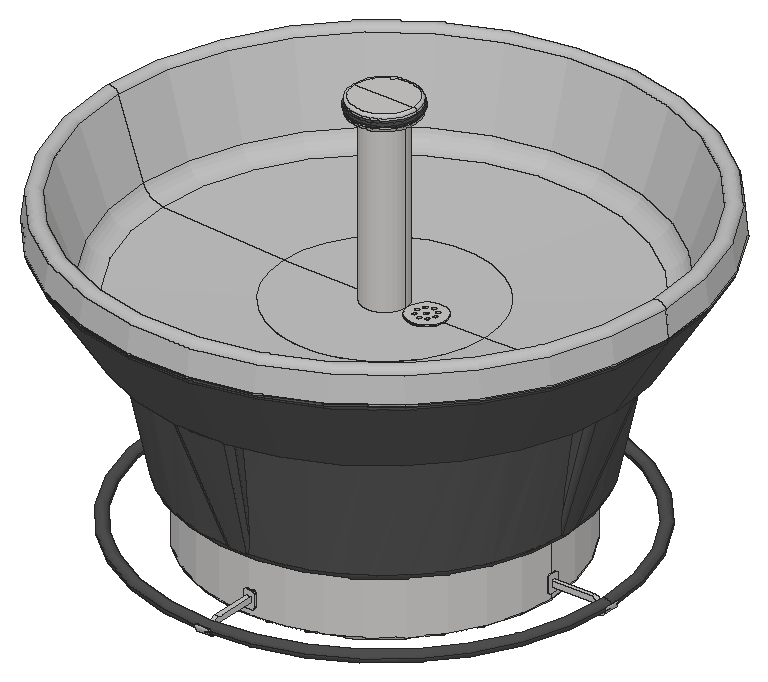
Revit family "Washfountain_Lavatory-Bradley_Corp-WF2808-Type_H_Drain", category Plumbing Fixtures, Revit 2012 (continued)
Automatic sketch dimensions
  curve 7 to Masking region 6 sketch curve = 0.84002"
  curve 7 to Masking region 6 sketch curve = 1.17907"
  Masking region 6 sketch curve to Masking region 6 sketch curve = 1.96998"
  curve 7 to Masking region 6 sketch curve = 0.375"
  Masking region 6 sketch curve to curve 7 = 7.18965"
  Masking region 6 sketch curve to Masking region 6 sketch curve = 0.60673"  (x2)
  Masking region 6 sketch curve to Masking region 6 sketch curve = 1.250"  (x5)
  Masking region 6 sketch curve to Masking region 6 sketch curve = 0.64327"
  Masking region 6 sketch curve to Masking region 6 sketch curve = 0.625"
  Masking region 7 sketch curve to curve 8 = 0.000"
  Masking region 7 sketch curve to curve 8 = 3.22592"
  Masking region 7 sketch curve to curve 8 = 2.810"
  curve 8 to Masking region 7 sketch curve = 2.810"
  curve 8 to Masking region 7 sketch curve = 3.22592"
  Masking region 7 sketch curve to curve 8 = 6.000"
  Masking region 8 sketch curve to curve 8 = 0.000"
  curve 8 to Masking region 8 sketch curve = 1.000"
  Masking region 8 sketch curve to curve 8 = 3.1566"
  Masking region 8 sketch curve to Masking region 8 sketch curve = 0.14284"  (x2)
  Masking region 8 sketch curve to Masking region 8 sketch curve = 0.03075"  (x2)
  Masking region 8 sketch curve to Masking region 8 sketch curve = 0.05262"  (x4)
  Masking region 8 sketch curve to Masking region 8 sketch curve = 0.06777"  (x2)
  Masking region 8 sketch curve to curve 8 = 1.17907"
  Masking region 8 sketch curve to curve 8 = 0.84002"
  curve 8 to Masking region 8 sketch curve = 0.84002"
  curve 8 to Masking region 8 sketch curve = 1.17907"
  Masking region 8 sketch curve to Masking region 8 sketch curve = 1.96998"
  curve 8 to Masking region 8 sketch curve = 0.375"
  Masking region 8 sketch curve to curve 8 = 7.18965"
  Masking region 8 sketch curve to Masking region 8 sketch curve = 1.18965"
  Masking region 8 sketch curve to Masking region 8 sketch curve = 0.60673"  (x2)
  Masking region 8 sketch curve to Masking region 8 sketch curve = 1.250"  (x5)
  Masking region 8 sketch curve to Masking region 8 sketch curve = 0.64327"
  Masking region 8 sketch curve to Masking region 8 sketch curve = 0.625"
  curve 8 to curve 24 = 0.375"
  curve 24 to curve 8 = 3.1566"
  curve 19 to curve 24 = 0.000"  (x2)
  curve 19 to curve 20 = 0.17359"
  curve 20 to curve 21 = 0.05262"
  curve 21 to curve 22 = 0.05262"
  curve 22 to curve 23 = 0.06777"
  curve 8 to curve 23 = 2.810"
  curve 23 to curve 22 = 0.06777"
  curve 22 to curve 21 = 0.05262"
  curve 21 to curve 20 = 0.05262"
  curve 20 to curve 24 = 0.17359"
  curve 19 to curve 24 = 0.625"
  curve 20 to curve 19 = 0.64327"
  curve 21 to curve 20 = 1.250"
  curve 22 to curve 21 = 1.250"
  curve 23 to curve 22 = 1.250"
  Masking region 9 sketch curve to curve 3 = 0.000"
  Masking region 9 sketch curve to curve 3 = 0.12875"
  curve 3 to Masking region 9 sketch curve = 0.21498"
  curve 3 to Masking region 9 sketch curve = 0.215"
  Masking region 9 sketch curve to Masking region 9 sketch curve = 0.785"
  Masking region 9 sketch curve to curve 3 = 1.000"
  Masking region 9 sketch curve to curve 3 = 0.215"
  Masking region 9 sketch curve to curve 3 = 0.21498"
  curve 3 to Masking region 9 sketch curve = 0.12875"
  Masking region 9 sketch curve to curve 3 = 1.38998"  (x2)
  Masking region 9 sketch curve to curve 3 = 0.94498"  (x2)
  Masking region 9 sketch curve to curve 3 = 0.44498"  (x2)
  Masking region 10 sketch curve to curve 3 = 0.12875"
  Masking region 10 sketch curve to curve 3 = 0.035"  (x2)
  Masking region 10 sketch curve to curve 3 = 0.00002"
  curve 3 to Masking region 10 sketch curve = 0.215"  (x2)
  Masking region 10 sketch curve to Masking region 10 sketch curve = 0.785"
  Masking region 10 sketch curve to curve 3 = 1.000"
  Masking region 10 sketch curve to curve 3 = 0.215"  (x2)
  curve 3 to Masking region 10 sketch curve = 0.035"  (x2)
  Masking region 10 sketch curve to Masking region 10 sketch curve = 0.09375"
  Masking region 10 sketch curve to curve 3 = 1.38998"  (x2)
  Masking region 10 sketch curve to curve 3 = 0.94498"  (x2)
  Masking region 10 sketch curve to curve 3 = 0.53873"  (x2)
  Masking region 11 sketch curve to curve 4 = 0.000"
  Masking region 11 sketch curve to curve 4 = 0.12875"
  curve 4 to Masking region 11 sketch curve = 0.21498"
  curve 4 to Masking region 11 sketch curve = 0.215"
  Masking region 11 sketch curve to Masking region 11 sketch curve = 0.785"
  Masking region 11 sketch curve to curve 4 = 1.000"
  Masking region 11 sketch curve to curve 4 = 0.215"
  Masking region 11 sketch curve to curve 4 = 0.21498"
  curve 4 to Masking region 11 sketch curve = 0.12875"
  Masking region 11 sketch curve to curve 4 = 1.38998"  (x2)
  Masking region 11 sketch curve to curve 4 = 0.94498"  (x2)
  Masking region 11 sketch curve to curve 4 = 0.44498"  (x2)
  Masking region 12 sketch curve to curve 4 = 0.12875"
  Masking region 12 sketch curve to curve 4 = 0.035"  (x2)
  curve 4 to Masking region 12 sketch curve = 0.215"  (x2)
  Masking region 12 sketch curve to curve 4 = 0.00002"
  curve 4 to Masking region 12 sketch curve = 1.000"
  Masking region 12 sketch curve to curve 4 = 1.000"
  Masking region 12 sketch curve to curve 4 = 0.215"  (x2)
  curve 4 to Masking region 12 sketch curve = 0.035"  (x2)
  Masking region 12 sketch curve to Masking region 12 sketch curve = 0.09375"
  Masking region 12 sketch curve to curve 4 = 1.38998"  (x2)
  Masking region 12 sketch curve to curve 4 = 0.94498"  (x2)
  Masking region 12 sketch curve to curve 4 = 0.53873"  (x2)
  curve 37 to curve 4 = 0.12875"
  curve 32 to curve 4 = 0.12875"
  curve 36 to curve 4 = 0.035"
  curve 33 to curve 4 = 0.035"
  curve 4 to curve 38 = 1.000"
  curve 38 to curve 4 = 1.000"
  curve 4 to curve 35 = 0.035"
  curve 4 to curve 33 = 0.035"
  curve 33 to curve 34 = 0.09375"
  curve 35 to curve 35 = 0.09375"
  curve 38 to curve 4 = 1.38998"
  curve 37 to curve 4 = 0.94498"
  curve 34 to curve 4 = 0.44498"
  Revolve 7 sketch curve to curve 5 = 0.000"
  curve 5 to Revolve 7 sketch curve = 1.000"
  curve 5 to Revolve 7 sketch curve = 0.89718"
  Revolve 7 sketch curve to curve 5 = 0.64632"
  Revolve 7 sketch curve to Revolve 7 sketch curve = 0.17678"
  Revolve 7 sketch curve to Revolve 7 sketch curve = 0.000"  (x5)
  Revolve 7 sketch curve to Revolve 7 sketch curve = 0.60355"
  Revolve 7 sketch curve to Revolve 7 sketch curve = 0.176"
  curve 5 to Revolve 7 sketch curve = 0.34072"
  Revolve 7 sketch curve to curve 5 = 1.44037"
  Revolve 7 sketch curve to Revolve 7 sketch curve = 0.01575"
  Revolve 7 sketch curve to Revolve 7 sketch curve = 0.074"
  Revolve 7 sketch curve to Revolve 7 sketch curve = 0.0755"
  Revolve 7 sketch curve to curve 5 = 2.78252"
  Revolve 7 sketch curve to curve 5 = 39.99275"
  Revolve 7 sketch curve to Revolve 7 sketch curve = 0.07322"
  Revolve 7 sketch curve to Revolve 7 sketch curve = 0.60277"
  Revolve 7 sketch curve to Revolve 7 sketch curve = 0.22469"
  Revolve 7 sketch curve to Revolve 7 sketch curve = 1.19454"
  Revolve 8 sketch curve to curve 5 = 0.000"
  curve 5 to Revolve 8 sketch curve = 1.000"
  Revolve 8 sketch curve to curve 5 = 0.75025"
  Revolve 8 sketch curve to Revolve 8 sketch curve = 0.82512"  (x2)
  Revolve 8 sketch curve to Revolve 8 sketch curve = 0.000"
  Revolve 8 sketch curve to Revolve 8 sketch curve = 0.71918"
  Revolve 8 sketch curve to Revolve 8 sketch curve = 1.30001"
  Masking region 13 sketch curve to curve 5 = 0.000"
  Masking region 13 sketch curve to curve 5 = 1.5755"
  Masking region 13 sketch curve to curve 5 = 0.750"
  curve 5 to Masking region 13 sketch curve = 1.000"
  Masking region 13 sketch curve to curve 5 = 1.000"
  curve 5 to Masking region 13 sketch curve = 0.75025"
  curve 5 to Masking region 13 sketch curve = 1.57537"
  Masking region 13 sketch curve to Masking region 13 sketch curve = 0.8255"
  Masking region 13 sketch curve to Masking region 13 sketch curve = 0.82512"
  Masking region 14 sketch curve to curve 5 = 0.000"
  Masking region 14 sketch curve to curve 5 = 1.57537"
  Masking region 14 sketch curve to Masking region 14 sketch curve = 0.0755"  (x2)
  Masking region 14 sketch curve to Masking region 14 sketch curve = 0.11925"
  Masking region 14 sketch curve to Masking region 14 sketch curve = 0.000"  (x7)
  Masking region 14 sketch curve to Masking region 14 sketch curve = 0.01575"  (x2)
  Masking region 14 sketch curve to Masking region 14 sketch curve = 0.074"  (x2)
  Masking region 14 sketch curve to Masking region 14 sketch curve = 0.176"  (x2)
  Masking region 14 sketch curve to curve 5 = 0.82309"
  Masking region 14 sketch curve to Masking region 14 sketch curve = 0.17678"  (x2)
  curve 5 to Masking region 14 sketch curve = 0.89718"
  curve 5 to Masking region 14 sketch curve = 1.000"
  curve 5 to Masking region 14 sketch curve = 2.78252"
  Masking region 14 sketch curve to Masking region 14 sketch curve = 0.43497"
  Masking region 14 sketch curve to curve 5 = 1.000"
  Masking region 14 sketch curve to curve 5 = 0.89718"
  curve 5 to Masking region 14 sketch curve = 0.64632"
  Masking region 14 sketch curve to Masking region 14 sketch curve = 0.60355"
  curve 5 to Masking region 14 sketch curve = 0.34072"
  curve 5 to Masking region 14 sketch curve = 1.44037"
  Masking region 14 sketch curve to curve 5 = 39.99275"
  Masking region 14 sketch curve to Masking region 14 sketch curve = 0.07322"  (x2)
  Masking region 14 sketch curve to Masking region 14 sketch curve = 0.60277"  (x2)
  Masking region 14 sketch curve to Masking region 14 sketch curve = 0.3591"
  Masking region 14 sketch curve to Masking region 14 sketch curve = 0.22469"
  Masking region 14 sketch curve to Masking region 14 sketch curve = 0.13441"
  curve 252 to curve 5 = 23.7889"
  curve 40 to curve 5 = 1.5755"
  curve 5 to curve 39 = 0.56541"
  curve 40 to curve 39 = 0.07563"
  curve 5 to curve 41 = 1.000"
  curve 41 to curve 5 = 1.000"
  curve 5 to curve 39 = 1.49987"
  curve 39 to curve 40 = 0.0755"
  curve 5 to curve 252 = 23.7906"
  curve 41 to curve 5 = 2.84038"
  curve 40 to curve 39 = 1.44948"
  Masking region 15 sketch curve to curve 6 = 0.000"
  Masking region 15 sketch curve to curve 6 = 1.57537"
  Masking region 15 sketch curve to curve 6 = 0.74987"
  curve 6 to Masking region 15 sketch curve = 1.000"
  Masking region 15 sketch curve to curve 6 = 1.000"
  curve 6 to Masking region 15 sketch curve = 0.75025"
  curve 6 to Masking region 15 sketch curve = 1.57537"
  Masking region 15 sketch curve to Masking region 15 sketch curve = 0.82512"
  Masking region 15 sketch curve to Masking region 15 sketch curve = 0.8255"
  Masking region 16 sketch curve to curve 6 = 0.000"
  Masking region 16 sketch curve to curve 6 = 1.57537"
  Masking region 16 sketch curve to Masking region 16 sketch curve = 0.0755"  (x2)
  Masking region 16 sketch curve to Masking region 16 sketch curve = 0.11925"
  Masking region 16 sketch curve to Masking region 16 sketch curve = 0.000"  (x7)
  Masking region 16 sketch curve to Masking region 16 sketch curve = 0.135"
  Masking region 16 sketch curve to Masking region 16 sketch curve = 0.074"
  Masking region 16 sketch curve to Masking region 16 sketch curve = 0.176"  (x2)
  Masking region 16 sketch curve to curve 6 = 0.82309"
  Masking region 16 sketch curve to Masking region 16 sketch curve = 0.17678"  (x2)
  curve 6 to Masking region 16 sketch curve = 0.89718"
  curve 6 to Masking region 16 sketch curve = 1.000"
  curve 6 to Masking region 16 sketch curve = 2.78252"
  Masking region 16 sketch curve to Masking region 16 sketch curve = 0.43497"
  Masking region 16 sketch curve to curve 6 = 1.000"
  Masking region 16 sketch curve to curve 6 = 0.89718"
  curve 6 to Masking region 16 sketch curve = 0.64632"
  Masking region 16 sketch curve to Masking region 16 sketch curve = 0.60355"
  curve 6 to Masking region 16 sketch curve = 0.34072"
  curve 6 to Masking region 16 sketch curve = 1.44037"
  Masking region 16 sketch curve to Masking region 16 sketch curve = 0.01575"
  Masking region 16 sketch curve to Masking region 16 sketch curve = 0.0595"
  Masking region 16 sketch curve to curve 6 = 39.99275"
  Masking region 16 sketch curve to Masking region 16 sketch curve = 0.07322"  (x2)
  Masking region 16 sketch curve to Masking region 16 sketch curve = 0.60277"  (x2)
  Masking region 16 sketch curve to Masking region 16 sketch curve = 0.3591"
  Masking region 16 sketch curve to Masking region 16 sketch curve = 0.22469"
  Masking region 16 sketch curve to Masking region 16 sketch curve = 0.13441"
  curve 43 to curve 6 = 1.57537"
  curve 6 to curve 42 = 0.56541"
  curve 43 to curve 42 = 0.0755"
  curve 6 to curve 44 = 1.000"
  curve 44 to curve 6 = 1.000"
  curve 6 to curve 42 = 1.49987"
  curve 42 to curve 43 = 0.0755"
  curve 43 to curve 42 = 1.44948"
  curve 44 to curve 6 = 2.840"
  curve 136 to curve 137 = 0.000"  (x2)
  curve 136 to curve 138 = 0.000"  (x2)
  curve 137 to curve 138 = 0.000"  (x2)
  curve 147 to curve 251 = 0.000"  (x2)
  curve 141 to plane 1 "Center (Front/Back)" = 0.000"
  curve 138 to plane 1 "Center (Front/Back)" = 0.000"
  curve 145 to plane 1 "Center (Front/Back)" = 0.000"
  curve 251 to plane 1 "Center (Front/Back)" = 0.000"
  curve 251 to plane 3 "Center (Left/Right)" = 0.000"
  curve 145 to curve 147 = 3.12229"
  curve 144 to curve 145 = 0.25708"
  curve 146 to curve 145 = 0.25708"
  curve 143 to curve 144 = 0.62063"
  curve 136 to curve 146 = 0.62063"
  curve 139 to curve 146 = 0.62063"
  curve 142 to curve 143 = 0.62063"
  curve 140 to curve 139 = 0.62063"
  curve 141 to curve 140 = 0.25708"
  curve 140 to plane 1 "Center (Front/Back)" = 0.62063"
  curve 146 to plane 1 "Center (Front/Back)" = 0.62063"
  curve 139 to curve 146 = 0.25708"
  plane 1 "Center (Front/Back)" to curve 142 = 0.62063"
  plane 1 "Center (Front/Back)" to curve 144 = 0.62063"
  curve 144 to curve 143 = 0.25708"
  Masking region 18 sketch curve to plane 1 "Center (Front/Back)" = 0.000"
  Masking region 18 sketch curve to plane 3 "Center (Left/Right)" = 0.000"
  curve 45 to plane 1 "Center (Front/Back)" = 0.000"
  curve 45 to plane 3 "Center (Left/Right)" = 0.000"
  Masking region 19 sketch curve to plane 1 "Center (Front/Back)" = 0.000"
  Masking region 19 sketch curve to plane 3 "Center (Left/Right)" = 0.000"
  curve 46 to plane 1 "Center (Front/Back)" = 0.000"
  curve 46 to plane 3 "Center (Left/Right)" = 0.000"
  Masking region 20 sketch curve to plane 1 "Center (Front/Back)" = 0.000"
  Masking region 20 sketch curve to plane 3 "Center (Left/Right)" = 0.000"
  curve 47 to plane 1 "Center (Front/Back)" = 0.000"
  curve 47 to plane 3 "Center (Left/Right)" = 0.000"
  curve 244 to plane 1 "Center (Front/Back)" = 2.2644"
  plane 3 "Center (Left/Right)" to curve 244 = 7.0783"
  curve 244 to curve 250 = 1.51551"
  curve 250 to curve 246 = 0.06253"
  curve 245 to curve 246 = 0.000"  (x2)
  plane 3 "Center (Left/Right)" to curve 244 = 1.57842"
  curve 248 to plane 3 "Center (Left/Right)" = 0.06259"
  curve 243 to plane 3 "Center (Left/Right)" = 1.57814"
  curve 246 to plane 3 "Center (Left/Right)" = 5.500"
  curve 246 to curve 249 = 0.06259"
  curve 243 to plane 1 "Center (Front/Back)" = 2.26429"
  curve 248 to curve 243 = 1.51554"
  curve 250 to curve 244 = 0.87478"
  curve 249 to curve 243 = 0.875"
  curve 250 to curve 250 = 0.06779"
  curve 245 to curve 246 = 1.750"
  plane 1 "Center (Front/Back)" to curve 248 = 6.38699"
  curve 248 to curve 243 = 0.875"
  curve 248 to curve 244 = 0.87526"
  Masking region 21 sketch curve to plane 1 "Center (Front/Back)" = 0.000"
  Masking region 21 sketch curve to plane 3 "Center (Left/Right)" = 0.000"
  plane 3 "Center (Left/Right)" to Masking region 21 sketch curve = 0.06279"
  plane 3 "Center (Left/Right)" to Masking region 21 sketch curve = 3.52689"
  plane 3 "Center (Left/Right)" to Masking region 21 sketch curve = 5.50026"
  Masking region 21 sketch curve to plane 1 "Center (Front/Back)" = 3.13918"
  Masking region 21 sketch curve to Masking region 21 sketch curve = 0.06253"
  Masking region 21 sketch curve to plane 1 "Center (Front/Back)" = 1.13918"
  Masking region 21 sketch curve to Masking region 21 sketch curve = 3.4641"  (x2)
  Masking region 21 sketch curve to plane 3 "Center (Left/Right)" = 0.06259"
  Masking region 21 sketch curve to plane 3 "Center (Left/Right)" = 3.5267"
  Masking region 21 sketch curve to plane 3 "Center (Left/Right)" = 5.500"
  Masking region 21 sketch curve to plane 1 "Center (Front/Back)" = 3.13929"
  Masking region 21 sketch curve to Masking region 21 sketch curve = 0.06259"
  Masking region 21 sketch curve to plane 1 "Center (Front/Back)" = 1.13929"
  Masking region 21 sketch curve to Masking region 21 sketch curve = 0.06767"
  Masking region 21 sketch curve to Masking region 21 sketch curve = 0.06779"
  Masking region 21 sketch curve to Masking region 21 sketch curve = 4.000"
  Extrusion 9 sketch curve to plane 8 "Towel Dispenser" = 0.000"
  Extrusion 9 sketch curve to Extrusion 9 sketch curve = 2.250"
  Extrusion 9 sketch curve to plane 1 "Center (Front/Back)" = 3.20696"
  Extrusion 10 sketch curve to Extrusion 10 sketch curve = 2.250"
  Extrusion 10 sketch curve to Extrusion 10 sketch curve = 4.000"
  Extrusion 11 sketch curve to plane 8 "Towel Dispenser" = 0.000"
  Extrusion 11 sketch curve to Extrusion 11 sketch curve = 1.750"
  Extrusion 11 sketch curve to Extrusion 11 sketch curve = 2.250"
  Split face 1 sketch curve to Extrusion 9 = 0.56845"
  Split face 1 sketch curve to Split face 1 sketch curve = 0.750"
  Split face 1 sketch curve to Extrusion 9 = 1.500"  (x2)
  Split face 2 sketch curve to Extrusion 10 = 0.56845"
  Split face 2 sketch curve to Split face 2 sketch curve = 0.750"
  Split face 2 sketch curve to Extrusion 10 = 1.70359"
  Split face 2 sketch curve to Extrusion 10 = 1.29641"
  Split face 3 sketch curve to Extrusion 11 = 0.56851"
  Split face 3 sketch curve to Split face 3 sketch curve = 0.750"
  Split face 3 sketch curve to Extrusion 11 = 1.500"  (x2)
  curve 101 to Extrusion 9 = 0.000"  (x3)
  curve 99 to Extrusion 9 = 2.60156"
  curve 99 to curve 99 = 1.000"
  Extrusion 9 to curve 99 = 1.95703"
  curve 51 to Extrusion 10 = 0.000"  (x3)
  curve 100 to Extrusion 10 = 2.60156"
  curve 100 to curve 100 = 1.000"
  Extrusion 10 to curve 100 = 1.95703"
  curve 52 to Extrusion 11 = 0.000"  (x3)
  curve 98 to Extrusion 11 = 2.60156"
  curve 98 to curve 98 = 1.000"
  Extrusion 11 to curve 98 = 1.95703"
  Masking region 22 sketch curve to curve 9 = 0.000"  (x2)
  Masking region 22 sketch curve to curve 9 = 1.37502"  (x2)
  Masking region 22 sketch curve to curve 9 = 6.02676"
  Masking region 22 sketch curve to Masking region 22 sketch curve = 1.94856"
  Masking region 22 sketch curve to curve 9 = 2.56266"
  curve 9 to Masking region 22 sketch curve = 1.000"  (x2)
  Masking region 22 sketch curve to curve 9 = 1.000"  (x2)
  curve 9 to Masking region 22 sketch curve = 2.56273"
  curve 9 to Masking region 22 sketch curve = 4.0783"
  Masking region 22 sketch curve to Masking region 22 sketch curve = 3.46415"
  curve 9 to Masking region 22 sketch curve = 14.62567"  (x2)
  curve 9 to Masking region 22 sketch curve = 15.313"  (x2)
  Masking region 22 sketch curve to Masking region 22 sketch curve = 1.000"
  curve 131 to curve 53 = 0.000"
  curve 75 to curve 53 = 6.02688"
  curve 55 to curve 53 = 1.37502"
  curve 55 to curve 53 = 6.02688"
  curve 66 to curve 74 = 1.06133"
  curve 74 to curve 71 = 0.10866"
  curve 74 to curve 74 = 0.55423"  (x2)
  curve 74 to curve 53 = 0.29645"
  curve 73 to curve 55 = 0.4715"
  curve 103 to curve 53 = 1.50547"
  curve 71 to curve 55 = 0.32995"
  curve 72 to curve 53 = 0.30272"
  curve 53 to curve 72 = 0.2515"
  curve 73 to curve 72 = 0.10866"
  curve 53 to curve 132 = 1.000"
  curve 72 to curve 131 = 0.63984"
  curve 131 to curve 64 = 0.42158"
  curve 132 to curve 57 = 1.93715"
  curve 61 to curve 62 = 0.12538"
  curve 63 to curve 53 = 1.42193"
  curve 63 to curve 131 = 0.42193"
  curve 132 to curve 53 = 1.000"
  curve 69 to curve 53 = 0.14845"
  curve 53 to curve 70 = 0.40577"
  curve 53 to curve 54 = 0.52663"
  curve 54 to curve 70 = 0.43336"
  curve 67 to curve 70 = 0.10867"
  curve 53 to curve 54 = 3.2767"
  curve 68 to curve 53 = 0.33668"
  curve 54 to curve 68 = 0.46463"
  curve 68 to curve 68 = 0.10867"
  curve 69 to curve 68 = 0.55422"
  curve 68 to curve 68 = 0.55422"
  curve 102 to curve 65 = 0.97852"
  curve 56 to curve 58 = 5.50013"
  curve 55 to curve 53 = 10.37498"
  curve 54 to curve 53 = 10.37498"
  curve 68 to curve 68 = 0.04026"
  curve 73 to curve 72 = 0.04026"
  curve 68 to curve 54 = 1.03834"
  curve 53 to curve 103 = 3.97659"
  curve 65 to curve 102 = 2.60156"
  curve 103 to curve 103 = 1.000"
  curve 102 to curve 102 = 1.000"
  curve 53 to curve 59 = 14.62567"
  curve 53 to curve 60 = 14.62567"
  curve 53 to curve 61 = 15.313"
  curve 78 to curve 76 = 0.000"
  curve 77 to curve 76 = 0.000"
  curve 85 to curve 76 = 2.50026"
  curve 82 to curve 76 = 0.29642"
  curve 82 to curve 76 = 1.00026"
  curve 104 to curve 76 = 0.54323"
  curve 82 to curve 76 = 0.25026"
  curve 85 to curve 76 = 1.37502"
  curve 76 to curve 85 = 2.99987"
  curve 76 to curve 84 = 1.000"
  curve 84 to curve 84 = 0.750"
  curve 83 to curve 84 = 0.39109"
  curve 80 to curve 85 = 0.000"
  curve 76 to curve 104 = 3.97659"
  curve 76 to curve 104 = 4.97659"
  curve 76 to curve 79 = 14.62567"
  curve 79 to curve 77 = 0.68733"
  curve 79 to curve 78 = 0.68733"
  Masking region 23 sketch curve to curve 10 = 0.000"
  Masking region 23 sketch curve to curve 10 = 4.20696"
  Masking region 23 sketch curve to curve 10 = 1.95696"
  Masking region 23 sketch curve to curve 10 = 0.20696"
  curve 10 to Masking region 23 sketch curve = 1.000"
  Masking region 23 sketch curve to curve 10 = 1.000"
  curve 10 to Masking region 23 sketch curve = 3.3871"
  curve 10 to Masking region 23 sketch curve = 4.2621"
  Masking region 23 sketch curve to Masking region 23 sketch curve = 2.000"
  Masking region 23 sketch curve to curve 10 = 1.37502"  (x2)
  curve 10 to Masking region 23 sketch curve = 14.62567"  (x2)
  Masking region 23 sketch curve to Masking region 23 sketch curve = 0.68733"
  curve 10 to Masking region 23 sketch curve = 15.313"
  curve 10 to Masking region 23 sketch curve = 16.313"
  curve 86 to curve 10 = 0.000"
  curve 87 to curve 10 = 0.000"
  curve 91 to curve 10 = 0.000"
  curve 86 to curve 10 = 0.20696"
  curve 86 to curve 87 = 0.06756"
  curve 10 to curve 91 = 0.7356"
  curve 10 to curve 134 = 1.750"
  curve 134 to curve 90 = 0.1106"
  curve 89 to curve 95 = 0.01928"
  curve 95 to curve 96 = 0.39728"
  curve 95 to curve 95 = 0.31998"  (x2)
  curve 133 to curve 10 = 2.44456"
  curve 134 to curve 10 = 1.750"
  curve 10 to curve 93 = 0.62385"
  curve 96 to curve 10 = 0.29642"
  curve 96 to curve 92 = 2.18152"
  curve 96 to curve 97 = 0.31998"
  curve 97 to curve 94 = 0.31998"
  curve 94 to curve 97 = 0.39728"
  curve 10 to curve 90 = 5.3871"
  curve 93 to curve 10 = 10.37498"
  curve 95 to curve 95 = 0.17193"
  curve 10 to curve 93 = 1.37502"
  curve 10 to curve 133 = 3.97659"
  curve 133 to curve 133 = 1.000"
  curve 10 to curve 89 = 14.62567"
  curve 10 to curve 87 = 15.313"
  curve 86 to curve 87 = 0.000"
  curve 88 to curve 134 = 0.68733"
  Extrusion 12 sketch curve to plane 1 "Center (Front/Back)" = 0.000"
  Extrusion 12 sketch curve to plane 3 "Center (Left/Right)" = 0.000"
  curve 5 to Masking region 24 sketch curve = 3.500"
  curve 5 to Masking region 24 sketch curve = 1.000"
  Masking region 24 sketch curve to curve 5 = 1.000"
  Masking region 25 sketch curve to plane 10 "Sensor Module" = 3.500"
  Masking region 25 sketch curve to plane 1 "Center (Front/Back)" = 2.000"
  plane 1 "Center (Front/Back)" to Masking region 25 sketch curve = 2.000"
  Extrusion 13 sketch curve to plane 1 "Center (Front/Back)" = 0.000"
  Extrusion 13 sketch curve to plane 3 "Center (Left/Right)" = 0.000"
  Extrusion 14 sketch curve to Extrusion 14 sketch curve = 0.000"  (x2)
  Extrusion 14 sketch curve to plane 1 "Center (Front/Back)" = 0.000"
  Extrusion 14 sketch curve to plane 3 "Center (Left/Right)" = 0.000"
  plane 3 "Center (Left/Right)" to Extrusion 14 sketch curve = 0.06295"
  Extrusion 14 sketch curve to Extrusion 14 sketch curve = 2.000"
  Extrusion 14 sketch curve to Extrusion 14 sketch curve = 3.50026"
  Extrusion 14 sketch curve to Extrusion 14 sketch curve = 0.06243"
  Extrusion 14 sketch curve to plane 3 "Center (Left/Right)" = 0.06259"
  Extrusion 14 sketch curve to Extrusion 14 sketch curve = 3.500"
  Extrusion 14 sketch curve to Extrusion 14 sketch curve = 0.06259"
  Extrusion 14 sketch curve to plane 1 "Center (Front/Back)" = 3.13929"  (x2)
  Extrusion 14 sketch curve to Extrusion 14 sketch curve = 0.06767"
  plane 1 "Center (Front/Back)" to Extrusion 14 sketch curve = 6.38699"
  Extrusion 14 sketch curve to Extrusion 14 sketch curve = 0.00011"
  Extrusion 15 sketch curve to Extrusion 15 sketch curve = 0.000"  (x2)
  Extrusion 15 sketch curve to plane 1 "Center (Front/Back)" = 0.000"
  Extrusion 15 sketch curve to plane 3 "Center (Left/Right)" = 0.000"
  plane 3 "Center (Left/Right)" to Extrusion 15 sketch curve = 0.06295"
  Extrusion 15 sketch curve to Extrusion 15 sketch curve = 2.000"
  Extrusion 15 sketch curve to Extrusion 15 sketch curve = 3.50026"
  Extrusion 15 sketch curve to Extrusion 15 sketch curve = 0.06243"
  Extrusion 15 sketch curve to plane 3 "Center (Left/Right)" = 0.06259"
  Extrusion 15 sketch curve to Extrusion 15 sketch curve = 3.500"
  Extrusion 15 sketch curve to Extrusion 15 sketch curve = 0.06259"
  Extrusion 15 sketch curve to plane 1 "Center (Front/Back)" = 3.13929"  (x2)
  Extrusion 15 sketch curve to Extrusion 15 sketch curve = 0.06767"
  plane 1 "Center (Front/Back)" to Extrusion 15 sketch curve = 6.38699"
  Extrusion 15 sketch curve to Extrusion 15 sketch curve = 0.00011"
  Sweep 16 sketch curve to profile plane = 0.000"
  profile plane to Sweep 16 sketch curve = 1.425"
  Extrusion 17 sketch curve to Extrusion 17 sketch curve = 0.000"  (x10)
  level to Extrusion 17 sketch curve = 1.57969"
  plane 4 "Left" to Extrusion 17 sketch curve = 5.42032"
  Extrusion 17 sketch curve to Extrusion 17 sketch curve = 0.04831"  (x2)
  Extrusion 17 sketch curve to Extrusion 17 sketch curve = 0.48307"  (x2)
  Extrusion 17 sketch curve to Extrusion 17 sketch curve = 0.48846"  (x2)
  Extrusion 17 sketch curve to Extrusion 17 sketch curve = 0.04885"  (x2)
  level to Extrusion 17 sketch curve = 1.55302"
  Extrusion 17 sketch curve to plane 5 "Right" = 6.58615"
  Extrusion 17 sketch curve to Extrusion 17 sketch curve = 0.02667"
  Extrusion 17 sketch curve to Extrusion 17 sketch curve = 0.01068"
  Extrusion 18 sketch curve to Extrusion 18 sketch curve = 0.000"  (x10)
  level to Extrusion 18 sketch curve = 1.57982"
  plane 6 "Front" to Extrusion 18 sketch curve = 5.42032"
  Extrusion 18 sketch curve to Extrusion 18 sketch curve = 0.04831"  (x2)
  Extrusion 18 sketch curve to Extrusion 18 sketch curve = 0.48307"  (x2)
  Extrusion 18 sketch curve to Extrusion 18 sketch curve = 0.48846"  (x2)
  Extrusion 18 sketch curve to Extrusion 18 sketch curve = 0.04885"  (x2)
  level to Extrusion 18 sketch curve = 1.55315"
  Extrusion 18 sketch curve to plane 7 "Back" = 6.58615"
  Extrusion 18 sketch curve to Extrusion 18 sketch curve = 0.03735"
  Extrusion 18 sketch curve to Extrusion 18 sketch curve = 0.01068"
  Extrusion 19 sketch curve to Extrusion 19 sketch curve = 0.000"  (x6)
  level to Extrusion 19 sketch curve = 0.82503"  (x2)
  plane 4 "Left" to Extrusion 19 sketch curve = 6.000"
  Extrusion 19 sketch curve to Extrusion 19 sketch curve = 0.19771"  (x2)
  Extrusion 19 sketch curve to Extrusion 19 sketch curve = 0.600"
  Extrusion 19 sketch curve to Extrusion 19 sketch curve = 0.45214"  (x2)
  Extrusion 19 sketch curve to Extrusion 19 sketch curve = 0.14125"  (x2)
  Extrusion 19 sketch curve to Extrusion 19 sketch curve = 3.76201"
  level to Extrusion 19 sketch curve = 1.26725"
  Extrusion 19 sketch curve to plane 5 "Right" = 10.95544"
  Extrusion 19 sketch curve to Extrusion 19 sketch curve = 3.76205"
  Extrusion 19 sketch curve to Extrusion 19 sketch curve = 0.40229"
  Extrusion 19 sketch curve to Extrusion 19 sketch curve = 0.34334"
  Extrusion 20 sketch curve to Extrusion 20 sketch curve = 0.000"  (x6)
  level to Extrusion 20 sketch curve = 0.82997"
  plane 6 "Front" to Extrusion 20 sketch curve = 5.99907"
  Extrusion 20 sketch curve to Extrusion 20 sketch curve = 0.19771"  (x2)
  Extrusion 20 sketch curve to Extrusion 20 sketch curve = 0.600"
  Extrusion 20 sketch curve to Extrusion 20 sketch curve = 0.45214"  (x2)
  Extrusion 20 sketch curve to Extrusion 20 sketch curve = 0.14125"  (x2)
  Extrusion 20 sketch curve to Extrusion 20 sketch curve = 3.76296"
  level to Extrusion 20 sketch curve = 1.77219"
  Extrusion 20 sketch curve to plane 7 "Back" = 10.95714"
  level to Extrusion 20 sketch curve = 1.27219"
  Extrusion 20 sketch curve to Extrusion 20 sketch curve = 3.76468"
  Extrusion 20 sketch curve to Extrusion 20 sketch curve = 0.40229"
  Extrusion 20 sketch curve to Extrusion 20 sketch curve = 0.34334"
  plane 1 "Center (Front/Back)" to Extrusion 21 sketch curve = 0.49499"
  plane 1 "Center (Front/Back)" to Extrusion 21 sketch curve = 0.24499"  (x2)
  plane 1 "Center (Front/Back)" to Extrusion 21 sketch curve = 0.23845"
  Extrusion 21 sketch curve to plane 1 "Center (Front/Back)" = 0.24214"
  Extrusion 21 sketch curve to plane 1 "Center (Front/Back)" = 0.25501"  (x2)
  Extrusion 21 sketch curve to Extrusion 21 sketch curve = 0.250"
  level to Extrusion 21 sketch curve = 0.70961"
  Extrusion 21 sketch curve to Extrusion 21 sketch curve = 0.2684"  (x2)
  Extrusion 21 sketch curve to Extrusion 21 sketch curve = 0.5882"
  plane 1 "Center (Front/Back)" to Extrusion 22 sketch curve = 0.50501"
  plane 1 "Center (Front/Back)" to Extrusion 22 sketch curve = 0.25501"  (x2)
  plane 1 "Center (Front/Back)" to Extrusion 22 sketch curve = 0.24214"
  Extrusion 22 sketch curve to plane 1 "Center (Front/Back)" = 0.23845"
  Extrusion 22 sketch curve to plane 1 "Center (Front/Back)" = 0.24499"  (x2)
  Extrusion 22 sketch curve to Extrusion 22 sketch curve = 0.250"
  level to Extrusion 22 sketch curve = 0.70961"
  Extrusion 22 sketch curve to Extrusion 22 sketch curve = 0.2684"  (x2)
  Extrusion 22 sketch curve to Extrusion 22 sketch curve = 0.5882"
  Extrusion 23 sketch curve to plane 3 "Center (Left/Right)" = 0.50501"
  Extrusion 23 sketch curve to plane 3 "Center (Left/Right)" = 0.25501"  (x2)
  Extrusion 23 sketch curve to plane 3 "Center (Left/Right)" = 0.24214"
  plane 3 "Center (Left/Right)" to Extrusion 23 sketch curve = 0.23845"
  plane 3 "Center (Left/Right)" to Extrusion 23 sketch curve = 0.24499"  (x2)
  Extrusion 23 sketch curve to Extrusion 23 sketch curve = 0.250"
  level to Extrusion 23 sketch curve = 0.70961"
  Extrusion 23 sketch curve to Extrusion 23 sketch curve = 0.2684"  (x2)
  Extrusion 23 sketch curve to Extrusion 23 sketch curve = 0.5882"
  Extrusion 24 sketch curve to plane 3 "Center (Left/Right)" = 0.49499"
  Extrusion 24 sketch curve to plane 3 "Center (Left/Right)" = 0.24499"  (x2)
  Extrusion 24 sketch curve to plane 3 "Center (Left/Right)" = 0.23845"
  plane 3 "Center (Left/Right)" to Extrusion 24 sketch curve = 0.24214"
  plane 3 "Center (Left/Right)" to Extrusion 24 sketch curve = 0.25501"  (x2)
  Extrusion 24 sketch curve to Extrusion 24 sketch curve = 0.250"
  level to Extrusion 24 sketch curve = 0.70961"
  Extrusion 24 sketch curve to Extrusion 24 sketch curve = 0.2684"  (x2)
  Extrusion 24 sketch curve to Extrusion 24 sketch curve = 0.5882"
  level to Masking region 26 sketch curve = 1.57969"
  plane 4 "Left" to Masking region 26 sketch curve = 5.42032"
  Masking region 26 sketch curve to Masking region 26 sketch curve = 0.000"  (x4)
  Masking region 26 sketch curve to Masking region 26 sketch curve = 0.04831"  (x2)
  Masking region 26 sketch curve to Masking region 26 sketch curve = 0.04873"  (x2)
  Masking region 26 sketch curve to Masking region 26 sketch curve = 0.48264"  (x2)
  Masking region 26 sketch curve to Masking region 26 sketch curve = 0.00088"
  Masking region 26 sketch curve to Masking region 26 sketch curve = 0.19771"  (x2)
  Masking region 26 sketch curve to Masking region 26 sketch curve = 0.69685"  (x2)
  Masking region 26 sketch curve to plane 3 "Center (Left/Right)" = 0.670"
  Masking region 26 sketch curve to plane 3 "Center (Left/Right)" = 0.50501"
  Masking region 26 sketch curve to Masking region 26 sketch curve = 0.20433"  (x2)
  Masking region 26 sketch curve to Masking region 26 sketch curve = 0.21066"  (x2)
  Masking region 26 sketch curve to plane 3 "Center (Left/Right)" = 0.25501"
  plane 3 "Center (Left/Right)" to Masking region 26 sketch curve = 0.25501"  (x2)
  Masking region 26 sketch curve to Masking region 26 sketch curve = 0.250"
  level to Masking region 26 sketch curve = 0.925"
  Masking region 26 sketch curve to plane 5 "Right" = 6.69772"
  Masking region 26 sketch curve to Masking region 26 sketch curve = 0.50002"
  Masking region 26 sketch curve to Masking region 26 sketch curve = 0.100"
  level to Masking region 26 sketch curve = 0.825"
  Masking region 26 sketch curve to Masking region 26 sketch curve = 0.10013"  (x2)
  level to Masking region 26 sketch curve = 0.82487"
  Masking region 26 sketch curve to Masking region 26 sketch curve = 0.11539"
  Masking region 26 sketch curve to Masking region 26 sketch curve = 0.50506"
  Masking region 26 sketch curve to Masking region 26 sketch curve = 0.00013"  (x2)
  Masking region 26 sketch curve to Masking region 26 sketch curve = 0.15961"
  curve 112 to curve 113 = 0.000"  (x2)
  curve 115 to curve 116 = 0.000"  (x2)
  curve 169 to plane 3 "Center (Left/Right)" = 0.000"
  curve 167 to plane 3 "Center (Left/Right)" = 0.12584"
  curve 110 to plane 3 "Center (Left/Right)" = 0.46567"
  curve 111 to plane 3 "Center (Left/Right)" = 0.50501"
  curve 182 to plane 3 "Center (Left/Right)" = 0.56801"
  curve 171 to plane 3 "Center (Left/Right)" = 0.59234"
  curve 170 to plane 3 "Center (Left/Right)" = 0.59234"
  curve 107 to curve 110 = 0.20433"
  curve 189 to plane 3 "Center (Left/Right)" = 0.96355"
  curve 155 to curve 182 = 0.39773"
  curve 197 to curve 156 = 0.00604"
  curve 157 to curve 166 = 0.11963"
  curve 165 to curve 165 = 0.1244"
  curve 254 to curve 107 = 1.30389"
  curve 164 to curve 165 = 0.97433"
  curve 163 to curve 164 = 0.01354"
  curve 162 to curve 164 = 0.12928"
  curve 157 to curve 162 = 0.00342"
  curve 195 to curve 163 = 0.13525"
  plane 4 "Left" to curve 188 = 11.1054"
  curve 154 to curve 188 = 1.57573"
  curve 155 to curve 154 = 0.01774"
  curve 154 to curve 155 = 0.13012"
  level to curve 114 = 0.925"
  curve 114 to curve 154 = 2.83195"
  curve 113 to curve 114 = 0.36586"
  plane 4 "Left" to curve 162 = 6.1621"
  curve 199 to curve 153 = 0.07125"
  curve 112 to curve 113 = 0.32043"
  curve 113 to curve 114 = 0.01056"
  curve 113 to curve 112 = 0.01143"
  curve 161 to curve 199 = 0.15811"
  curve 112 to curve 112 = 0.48307"
  curve 160 to curve 161 = 0.93351"
  plane 3 "Center (Left/Right)" to curve 191 = 0.07846"
  curve 191 to curve 184 = 0.07846"
  curve 184 to curve 184 = 0.12584"
  plane 3 "Center (Left/Right)" to curve 110 = 0.46567"
  plane 3 "Center (Left/Right)" to curve 111 = 0.50501"
  curve 111 to curve 108 = 0.16499"
  plane 3 "Center (Left/Right)" to curve 166 = 0.72492"
  plane 3 "Center (Left/Right)" to curve 186 = 0.74925"
  plane 3 "Center (Left/Right)" to curve 185 = 0.74925"
  plane 3 "Center (Left/Right)" to curve 190 = 1.11807"
  curve 166 to curve 173 = 0.39773"
  curve 190 to curve 198 = 0.01062"
  curve 159 to curve 198 = 0.11963"
  curve 181 to curve 181 = 0.1244"
  curve 109 to curve 255 = 1.30389"
  curve 181 to curve 180 = 0.97433"
  curve 180 to curve 180 = 0.01354"
  curve 180 to curve 178 = 0.12928"
  curve 178 to curve 196 = 0.00342"
  curve 179 to curve 196 = 0.13328"
  curve 188 to plane 5 "Right" = 11.0625"
  curve 188 to curve 192 = 1.55723"
  curve 172 to curve 159 = 0.00046"
  level to curve 117 = 0.925"
  curve 159 to curve 117 = 2.80708"
  curve 117 to curve 116 = 0.36586"
  curve 200 to plane 5 "Right" = 6.13271"
  curve 177 to curve 200 = 0.07482"
  curve 116 to curve 115 = 0.32043"
  curve 117 to curve 116 = 0.01056"
  curve 115 to curve 116 = 0.01143"
  curve 177 to curve 177 = 0.22936"
  curve 115 to curve 115 = 0.48307"
  curve 176 to curve 187 = 0.90412"
  curve 176 to curve 192 = 0.00525"
  level to curve 109 = 0.925"
  curve 110 to curve 109 = 0.100"
  curve 116 to curve 117 = 0.10013"
  curve 113 to curve 114 = 0.10013"
  curve 110 to curve 107 = 0.100"
  level to curve 254 = 1.000"
  level to curve 255 = 1.000"
  curve 254 to curve 254 = 0.35175"
  curve 255 to curve 255 = 0.35175"
  curve 109 to curve 108 = 0.69191"
  curve 108 to curve 111 = 0.30809"
  curve 111 to curve 189 = 2.71699"
  curve 189 to curve 189 = 0.35175"
  curve 189 to curve 190 = 0.00063"
  curve 190 to curve 190 = 0.35175"
  level to curve 188 = 5.6669"
  curve 198 to curve 173 = 0.58296"
  curve 158 to curve 175 = 0.000"
  curve 188 to curve 154 = 0.58296"
  curve 154 to curve 155 = 0.06505"
  curve 173 to curve 182 = 0.06505"
  curve 175 to curve 191 = 0.06505"
  curve 188 to curve 187 = 0.64802"
  curve 159 to curve 192 = 0.00087"
  curve 166 to curve 197 = 0.49138"
  curve 159 to curve 198 = 0.49138"
  curve 182 to curve 171 = 2.45212"
  curve 186 to curve 171 = 0.000"
  curve 186 to curve 185 = 5.5394"
  curve 170 to curve 185 = 0.000"
  curve 177 to plane 14 "Pedestal Height" = 8.13162"
  curve 161 to plane 14 "Pedestal Height" = 8.13162"
  curve 185 to curve 178 = 2.94594"
  curve 161 to curve 161 = 0.05585"
  curve 180 to curve 180 = 0.01323"
  curve 157 to curve 164 = 0.01323"
  curve 179 to curve 175 = 0.01556"
  curve 179 to curve 196 = 0.01556"
  curve 191 to curve 175 = 0.000"
  curve 158 to curve 191 = 0.000"
  curve 179 to curve 173 = 0.01556"
  curve 163 to curve 156 = 0.01556"
  curve 163 to curve 195 = 0.01556"
  curve 160 to curve 199 = 0.01556"
  curve 177 to curve 200 = 0.01556"
  curve 176 to curve 192 = 0.01582"
  level to Masking region 27 sketch curve = 1.57955"
  plane 6 "Front" to Masking region 27 sketch curve = 5.42032"
  Masking region 27 sketch curve to Masking region 27 sketch curve = 0.000"  (x4)
  Masking region 27 sketch curve to Masking region 27 sketch curve = 0.04831"  (x2)
  Masking region 27 sketch curve to Masking region 27 sketch curve = 0.04873"  (x2)
  Masking region 27 sketch curve to Masking region 27 sketch curve = 0.48264"  (x2)
  Masking region 27 sketch curve to Masking region 27 sketch curve = 0.00088"
  Masking region 27 sketch curve to Masking region 27 sketch curve = 0.19771"  (x2)
  Masking region 27 sketch curve to Masking region 27 sketch curve = 0.69685"  (x2)
  plane 1 "Center (Front/Back)" to Masking region 27 sketch curve = 0.670"
  plane 1 "Center (Front/Back)" to Masking region 27 sketch curve = 0.50501"
  Masking region 27 sketch curve to Masking region 27 sketch curve = 0.20433"  (x2)
  Masking region 27 sketch curve to Masking region 27 sketch curve = 0.21066"  (x2)
  Masking region 27 sketch curve to Masking region 27 sketch curve = 0.250"  (x2)
  Masking region 27 sketch curve to plane 1 "Center (Front/Back)" = 0.25501"  (x2)
  level to Masking region 27 sketch curve = 0.92487"  (x2)
  Masking region 27 sketch curve to plane 7 "Back" = 6.69772"
  Masking region 27 sketch curve to Masking region 27 sketch curve = 0.50002"
  Masking region 27 sketch curve to Masking region 27 sketch curve = 0.100"  (x2)
  Masking region 27 sketch curve to Masking region 27 sketch curve = 0.10013"  (x2)
  Masking region 27 sketch curve to Masking region 27 sketch curve = 0.11539"
  Masking region 27 sketch curve to Masking region 27 sketch curve = 0.50506"
  Masking region 27 sketch curve to Masking region 27 sketch curve = 0.00013"  (x2)
  Masking region 27 sketch curve to Masking region 27 sketch curve = 0.15961"
  curve 118 to curve 120 = 0.000"  (x2)
  curve 122 to curve 124 = 0.000"  (x2)
  curve 217 to plane 1 "Center (Front/Back)" = 0.000"
  curve 231 to curve 216 = 0.15625"
  plane 1 "Center (Front/Back)" to curve 232 = 0.28209"
  plane 1 "Center (Front/Back)" to curve 130 = 0.46567"
  plane 1 "Center (Front/Back)" to curve 129 = 0.50501"
  curve 127 to curve 129 = 0.16499"
  plane 1 "Center (Front/Back)" to curve 233 = 0.75783"
  plane 1 "Center (Front/Back)" to curve 234 = 0.75783"
  plane 1 "Center (Front/Back)" to curve 240 = 1.11807"
  curve 230 to curve 228 = 0.83929"
  curve 229 to curve 240 = 0.00996"
  curve 242 to curve 226 = 0.02425"
  curve 230 to curve 242 = 0.09599"
  curve 224 to curve 226 = 0.12501"
  curve 215 to curve 222 = 0.17483"
  curve 257 to curve 126 = 1.30389"
  curve 225 to curve 224 = 0.98787"
  curve 221 to curve 225 = 0.11588"
  curve 225 to curve 221 = 0.0044"
  curve 223 to curve 225 = 0.13631"
  plane 6 "Front" to curve 212 = 11.10542"
  curve 236 to curve 212 = 1.5718"
  curve 242 to curve 194 = 0.02749"
  level to curve 125 = 0.92644"
  curve 125 to curve 194 = 2.8344"
  curve 123 to curve 125 = 0.11307"
  curve 124 to curve 123 = 0.000"
  curve 123 to curve 124 = 0.04885"
  curve 123 to curve 123 = 0.04885"
  curve 125 to curve 125 = 0.36541"
  plane 6 "Front" to curve 237 = 6.15862"
  curve 221 to curve 237 = 0.00042"
  curve 238 to curve 221 = 0.05572"
  curve 124 to curve 125 = 0.32264"
  curve 122 to curve 123 = 0.48846"
  curve 235 to curve 238 = 0.10251"
  curve 122 to curve 122 = 0.00467"
  curve 122 to curve 122 = 0.48307"
  curve 235 to curve 235 = 0.9746"
  curve 194 to curve 235 = 0.03383"
  plane 6 "Front" to curve 253 = 0.2094"
  curve 217 to plane 1 "Center (Front/Back)" = 0.12584"
  curve 130 to plane 1 "Center (Front/Back)" = 0.46567"
  curve 129 to plane 1 "Center (Front/Back)" = 0.50501"
  curve 219 to plane 1 "Center (Front/Back)" = 0.60158"
  curve 220 to plane 1 "Center (Front/Back)" = 0.60158"
  curve 129 to curve 127 = 0.16499"
  curve 239 to plane 1 "Center (Front/Back)" = 0.96355"
  curve 213 to curve 215 = 0.83929"
  curve 210 to curve 214 = 0.00666"
  curve 215 to curve 241 = 0.02425"
  curve 241 to curve 215 = 0.09599"
  curve 211 to curve 211 = 0.12501"
  curve 215 to curve 230 = 0.17483"
  curve 128 to curve 256 = 1.30389"
  curve 211 to curve 208 = 0.98787"
  curve 209 to curve 205 = 0.11588"
  curve 205 to curve 206 = 0.0044"
  curve 208 to curve 207 = 0.13631"
  curve 212 to plane 7 "Back" = 11.10714"
  curve 212 to curve 202 = 1.57573"
  curve 193 to curve 241 = 0.0218"
  level to curve 121 = 0.92644"
  curve 193 to curve 121 = 2.83519"
  curve 121 to curve 120 = 0.11007"
  curve 119 to curve 120 = 0.000"
  curve 120 to curve 119 = 0.04885"
  curve 119 to curve 119 = 0.04885"
  curve 121 to curve 121 = 0.36241"
  curve 203 to plane 7 "Back" = 6.1621"
  curve 202 to curve 205 = 0.00059"
  curve 205 to curve 204 = 0.05554"
  curve 204 to curve 201 = 0.10251"
  curve 119 to curve 120 = 0.48846"
  curve 121 to curve 120 = 0.3344"
  curve 118 to curve 118 = 0.009"
  curve 118 to curve 118 = 0.48307"
  curve 203 to curve 201 = 0.97458"
  curve 201 to curve 193 = 0.03384"
  curve 253 to plane 7 "Back" = 0.2094"
  curve 124 to curve 125 = 0.10133"
  curve 120 to curve 121 = 0.10144"
  level to curve 130 = 0.82487"
  curve 128 to curve 130 = 0.000"
  curve 126 to curve 130 = 0.000"
  level to curve 256 = 1.00004"
  level to curve 257 = 1.00004"
  curve 257 to curve 257 = 0.35175"
  curve 256 to curve 256 = 0.35175"
  curve 128 to curve 128 = 0.79191"
  curve 127 to curve 129 = 0.30809"
  curve 129 to curve 239 = 2.71712"
  curve 239 to curve 239 = 0.35175"
  curve 239 to curve 240 = 0.00063"
  curve 240 to curve 240 = 0.35175"
  level to curve 212 = 5.66694"
  curve 212 to curve 236 = 0.56325"
  curve 229 to curve 231 = 0.58292"
  curve 217 to curve 228 = 0.000"
  curve 212 to curve 193 = 0.58296"
  curve 228 to curve 216 = 0.06698"
  curve 193 to curve 241 = 0.07553"
  curve 226 to curve 242 = 0.07557"
  curve 230 to curve 219 = 2.37802"
  curve 233 to curve 219 = 0.000"
  curve 219 to curve 220 = 5.54498"
  curve 234 to curve 220 = 0.000"
  curve 203 to curve 203 = 0.06371"
  curve 237 to curve 236 = 0.06371"
  curve 234 to curve 221 = 2.94698"
  curve 206 to curve 209 = 0.01359"
  curve 222 to curve 225 = 0.01359"
  curve 201 to curve 204 = 0.08852"
  curve 208 to curve 207 = 0.01556"
  curve 225 to curve 223 = 0.01556"
  curve 208 to curve 218 = 0.0156"
  curve 232 to curve 218 = 0.000"
  curve 208 to curve 210 = 0.0156"
  curve 227 to curve 226 = 0.0156"
  level to Masking region 28 sketch curve = 1.925"
  plane 4 "Left" to Masking region 28 sketch curve = 6.000"
  Masking region 28 sketch curve to plane 5 "Right" = 6.000"
  Masking region 28 sketch curve to Masking region 28 sketch curve = 0.500"
  level to Masking region 29 sketch curve = 0.92487"
  plane 6 "Front" to Masking region 29 sketch curve = 6.000"
  level to Masking region 29 sketch curve = 1.92487"
  Masking region 29 sketch curve to plane 7 "Back" = 6.000"
  Masking region 30 sketch curve to plane 9 "Soap Dispenser" = 9.000"
  plane 1 "Center (Front/Back)" to Masking region 30 sketch curve = 2.000"
  Masking region 30 sketch curve to plane 1 "Center (Front/Back)" = 2.000"
  Extrusion 25 sketch curve to plane 1 "Center (Front/Back)" = 0.000"
  plane 3 "Center (Left/Right)" to Extrusion 25 sketch curve = 4.000"
  Extrusion 26 sketch curve to Extrusion 26 sketch curve = 0.000"  (x6)
  Extrusion 26 sketch curve to plane 1 "Center (Front/Back)" = 0.000"  (x3)
  plane 3 "Center (Left/Right)" to Extrusion 26 sketch curve = 5.750"
  Extrusion 26 sketch curve to Extrusion 26 sketch curve = 0.87229"
  Extrusion 26 sketch curve to Extrusion 26 sketch curve = 0.25708"  (x5)
  Extrusion 26 sketch curve to Extrusion 26 sketch curve = 0.62063"  (x5)
  Extrusion 26 sketch curve to plane 1 "Center (Front/Back)" = 0.62063"  (x2)
  plane 1 "Center (Front/Back)" to Extrusion 26 sketch curve = 0.62063"  (x2)
  Extrusion 27 sketch curve to plane 3 "Center (Left/Right)" = 1.000"
  plane 3 "Center (Left/Right)" to Extrusion 27 sketch curve = 1.000"
  Extrusion 27 sketch curve to plane 1 "Center (Front/Back)" = 4.500"
  Extrusion 27 sketch curve to Extrusion 27 sketch curve = 1.000"
  plane 1 "Center (Front/Back)" to curve 148 = 0.07207"
  curve 148 to curve 148 = 12.70744"
  SweptBlend 28 sketch curve to profile plane = 0.000"
  SweptBlend 28 sketch curve to profile plane = 0.01461"  (x2)
  profile plane to SweptBlend 28 sketch curve = 0.8103"
  profile plane to SweptBlend 28 sketch curve = 1.10677"
  SweptBlend 28 sketch curve to profile plane = 1.10677"
  SweptBlend 28 sketch curve to SweptBlend 28 sketch curve = 1.76168"
  SweptBlend 28 sketch curve to SweptBlend 28 sketch curve = 7.03644"
  SweptBlend 28 sketch curve to profile plane = 0.684"  (x2)
  profile plane to SweptBlend 28 sketch curve = 2.71312"
  SweptBlend 28 sketch curve to profile plane = 0.11493"  (x2)
  SweptBlend 28 sketch curve to SweptBlend 28 sketch curve = 0.46892"
  SweptBlend 28 sketch curve to SweptBlend 28 sketch curve = 0.07429"  (x2)
  SweptBlend 28 sketch curve to profile plane = 0.07207"
  SweptBlend 28 sketch curve to profile plane = 2.2775"
  SweptBlend 28 sketch curve to SweptBlend 28 sketch curve = 22.00592"
  SweptBlend 28 sketch curve to SweptBlend 28 sketch curve = 1.38877"
  SweptBlend 28 sketch curve to SweptBlend 28 sketch curve = 18.48391"
  Revolve 29 sketch curve to plane 3 "Center (Left/Right)" = 0.000"
  level to Revolve 29 sketch curve = 6.57789"
  plane 4 "Left" to Revolve 29 sketch curve = 10.37637"
  Revolve 29 sketch curve to Revolve 29 sketch curve = 0.87527"
  plane 4 "Left" to Revolve 29 sketch curve = 6.99408"
  Revolve 29 sketch curve to Revolve 29 sketch curve = 0.25246"
  Revolve 29 sketch curve to level = 4.41442"
  Revolve 29 sketch curve to plane 14 "Pedestal Height" = 7.880"
  plane 12 "Rim Height" to Revolve 29 sketch curve = 3.44358"
  profile plane to SweptBlend 30 sketch curve = 0.09506"
  SweptBlend 30 sketch curve to profile plane = 0.12401"
  SweptBlend 30 sketch curve to profile plane = 0.15862"
  SweptBlend 30 sketch curve to profile plane = 0.1987"
  SweptBlend 30 sketch curve to SweptBlend 30 sketch curve = 0.29375"  (x2)
  SweptBlend 30 sketch curve to SweptBlend 30 sketch curve = 0.04008"
  SweptBlend 30 sketch curve to profile plane = 1.3768"
  SweptBlend 30 sketch curve to SweptBlend 30 sketch curve = 1.74551"  (x2)
  profile plane to SweptBlend 30 sketch curve = 0.81642"
  SweptBlend 30 sketch curve to profile plane = 1.23135"
  SweptBlend 30 sketch curve to SweptBlend 30 sketch curve = 6.82225"
  profile plane to SweptBlend 30 sketch curve = 0.18949"
  SweptBlend 30 sketch curve to profile plane = 0.31097"
  SweptBlend 30 sketch curve to profile plane = 0.38934"
  SweptBlend 30 sketch curve to profile plane = 0.43672"
  SweptBlend 30 sketch curve to SweptBlend 30 sketch curve = 0.54886"
  SweptBlend 30 sketch curve to SweptBlend 30 sketch curve = 0.07837"
  SweptBlend 30 sketch curve to SweptBlend 30 sketch curve = 1.36598"
  SweptBlend 30 sketch curve to SweptBlend 30 sketch curve = 1.38607"
  SweptBlend 30 sketch curve to profile plane = 2.70737"
  SweptBlend 30 sketch curve to SweptBlend 30 sketch curve = 18.00609"
  profile plane to SweptBlend 30 sketch curve = 19.09657"
  SweptBlend 30 sketch curve to profile plane = 2.78068"
  SweptBlend 30 sketch curve to SweptBlend 30 sketch curve = 0.3131"
  SweptBlend 30 sketch curve to SweptBlend 30 sketch curve = 0.54155"
  SweptBlend 30 sketch curve to SweptBlend 30 sketch curve = 0.30087"
  SweptBlend 30 sketch curve to SweptBlend 30 sketch curve = 0.18675"
  profile plane to SweptBlend 31 sketch curve = 0.46052"
  profile plane to SweptBlend 31 sketch curve = 1.0534"
  profile plane to SweptBlend 31 sketch curve = 0.81083"
  profile plane to SweptBlend 31 sketch curve = 0.12604"
  SweptBlend 31 sketch curve to SweptBlend 31 sketch curve = 0.25283"
  SweptBlend 31 sketch curve to SweptBlend 31 sketch curve = 0.04082"  (x2)
  SweptBlend 31 sketch curve to profile plane = 0.0971"
  SweptBlend 31 sketch curve to profile plane = 0.80459"
  profile plane to SweptBlend 31 sketch curve = 0.15573"
  SweptBlend 31 sketch curve to SweptBlend 31 sketch curve = 0.29365"
  SweptBlend 31 sketch curve to profile plane = 1.25427"
  SweptBlend 31 sketch curve to profile plane = 1.38164"
  profile plane to SweptBlend 31 sketch curve = 19.03721"
  profile plane to SweptBlend 31 sketch curve = 2.73587"
  profile plane to SweptBlend 31 sketch curve = 0.44269"
  SweptBlend 31 sketch curve to SweptBlend 31 sketch curve = 0.3861"
  SweptBlend 31 sketch curve to SweptBlend 31 sketch curve = 0.18814"
  SweptBlend 31 sketch curve to SweptBlend 31 sketch curve = 0.11764"
  profile plane to SweptBlend 31 sketch curve = 0.38374"
  SweptBlend 31 sketch curve to profile plane = 2.20721"
  SweptBlend 31 sketch curve to SweptBlend 31 sketch curve = 0.03143"
  SweptBlend 31 sketch curve to SweptBlend 31 sketch curve = 0.26481"
  SweptBlend 31 sketch curve to profile plane = 2.75911"
  profile plane to SweptBlend 31 sketch curve = 0.30391"
  SweptBlend 31 sketch curve to SweptBlend 31 sketch curve = 0.57424"
  SweptBlend 31 sketch curve to SweptBlend 31 sketch curve = 0.54839"
  SweptBlend 31 sketch curve to SweptBlend 31 sketch curve = 1.36531"
  SweptBlend 31 sketch curve to SweptBlend 31 sketch curve = 1.38577"
  profile plane to SweptBlend 32 sketch curve = 2.419"
  profile plane to SweptBlend 32 sketch curve = 8.78215"
  SweptBlend 32 sketch curve to profile plane = 0.5166"
  profile plane to SweptBlend 32 sketch curve = 2.29225"
  profile plane to SweptBlend 32 sketch curve = 1.70444"
  profile plane to SweptBlend 32 sketch curve = 0.59383"
  SweptBlend 32 sketch curve to SweptBlend 32 sketch curve = 0.07873"  (x2)
  profile plane to SweptBlend 32 sketch curve = 0.22927"
  profile plane to SweptBlend 32 sketch curve = 0.08474"
  profile plane to SweptBlend 32 sketch curve = 0.00601"
  SweptBlend 32 sketch curve to profile plane = 0.20109"
  SweptBlend 32 sketch curve to profile plane = 0.69859"
  profile plane to SweptBlend 32 sketch curve = 25.68154"
  profile plane to SweptBlend 32 sketch curve = 5.38946"
  profile plane to SweptBlend 32 sketch curve = 19.83774"
  profile plane to SweptBlend 32 sketch curve = 2.62288"
  profile plane to SweptBlend 32 sketch curve = 1.4182"
  profile plane to SweptBlend 32 sketch curve = 1.41209"
  SweptBlend 32 sketch curve to SweptBlend 32 sketch curve = 0.15396"
  SweptBlend 32 sketch curve to SweptBlend 32 sketch curve = 0.5192"
  profile plane to SweptBlend 32 sketch curve = 0.09291"
  SweptBlend 32 sketch curve to profile plane = 0.06105"
  SweptBlend 32 sketch curve to profile plane = 0.48516"
  SweptBlend 32 sketch curve to profile plane = 2.57304"
  SweptBlend 32 sketch curve to SweptBlend 32 sketch curve = 0.30097"
  SweptBlend 32 sketch curve to SweptBlend 32 sketch curve = 0.29717"
  SweptBlend 32 sketch curve to SweptBlend 32 sketch curve = 0.04426"
  SweptBlend 32 sketch curve to SweptBlend 32 sketch curve = 0.44042"
  Revolve 33 sketch curve to level = 0.000"
  Revolve 33 sketch curve to plane 3 "Center (Left/Right)" = 0.000"
  plane 4 "Left" to Revolve 33 sketch curve = 11.201"
  Revolve 33 sketch curve to Revolve 33 sketch curve = 0.09559"
  Revolve 33 sketch curve to Revolve 33 sketch curve = 6.4416"
  level to Revolve 33 sketch curve = 0.09391"
  Revolve 33 sketch curve to Revolve 33 sketch curve = 5.57134"
  Revolve 33 sketch curve to Revolve 33 sketch curve = 5.95117"
  Masking region 31 sketch curve to level = 0.000"
  plane 4 "Left" to Masking region 31 sketch curve = 4.99328"
  plane 4 "Left" to Masking region 31 sketch curve = 9.52967"
  Masking region 31 sketch curve to Masking region 31 sketch curve = 0.82573"
  Masking region 31 sketch curve to Masking region 31 sketch curve = 0.750"
  Masking region 31 sketch curve to Masking region 31 sketch curve = 0.0956"  (x2)
  Masking region 31 sketch curve to plane 5 "Right" = 11.20104"
  Masking region 31 sketch curve to Masking region 31 sketch curve = 0.79294"
  Masking region 31 sketch curve to Masking region 31 sketch curve = 0.78467"
  Masking region 31 sketch curve to plane 5 "Right" = 4.99328"
  Masking region 31 sketch curve to Masking region 31 sketch curve = 5.5713"  (x2)
  Masking region 31 sketch curve to Masking region 31 sketch curve = 0.58296"  (x2)
  Masking region 31 sketch curve to plane 14 "Pedestal Height" = 7.880"
  level to Masking region 32 sketch curve = 0.70961"  (x2)
  plane 4 "Left" to Masking region 32 sketch curve = 10.9554"
  Masking region 32 sketch curve to Masking region 32 sketch curve = 0.000"  (x3)
  Masking region 32 sketch curve to Masking region 32 sketch curve = 0.150"  (x4)
  Masking region 32 sketch curve to Masking region 32 sketch curve = 0.11736"  (x2)
  Masking region 32 sketch curve to plane 5 "Right" = 11.22277"
  Masking region 32 sketch curve to Masking region 32 sketch curve = 0.11733"
  Masking region 32 sketch curve to Masking region 32 sketch curve = 0.21539"  (x2)
  Masking region 32 sketch curve to Masking region 32 sketch curve = 1.000"  (x2)
  Masking region 32 sketch curve to Masking region 32 sketch curve = 0.40961"
  Masking region 32 sketch curve to Masking region 32 sketch curve = 0.40977"
  Masking region 32 sketch curve to Masking region 32 sketch curve = 2.30721"
  Masking region 32 sketch curve to Masking region 32 sketch curve = 2.30737"
  Masking region 32 sketch curve to Masking region 32 sketch curve = 0.35175"  (x2)
  plane 6 "Front" to Masking region 33 sketch curve = 4.99154"
  plane 6 "Front" to Masking region 33 sketch curve = 9.52609"
  Masking region 33 sketch curve to Masking region 33 sketch curve = 0.78467"
  Masking region 33 sketch curve to Masking region 33 sketch curve = 0.79466"
  Masking region 33 sketch curve to Masking region 33 sketch curve = 0.0956"  (x2)
  level to Masking region 33 sketch curve = 0.00004"
  Masking region 33 sketch curve to plane 7 "Back" = 11.20102"
  Masking region 33 sketch curve to Masking region 33 sketch curve = 0.74828"
  level to Masking region 33 sketch curve = 6.24991"
  Masking region 33 sketch curve to Masking region 33 sketch curve = 0.82573"
  Masking region 33 sketch curve to plane 7 "Back" = 4.99502"
  Masking region 33 sketch curve to Masking region 33 sketch curve = 5.5713"
  Masking region 33 sketch curve to Masking region 33 sketch curve = 0.58296"  (x2)
  Masking region 33 sketch curve to plane 14 "Pedestal Height" = 7.87996"
  level to Masking region 34 sketch curve = 5.34549"  (x2)
  plane 6 "Front" to Masking region 34 sketch curve = 11.10542"
  Masking region 34 sketch curve to Masking region 34 sketch curve = 0.20085"  (x2)
  Masking region 34 sketch curve to plane 7 "Back" = 11.308"
  Masking region 34 sketch curve to Masking region 34 sketch curve = 0.35175"  (x2)
  level to Masking region 35 sketch curve = 2.33461"
  plane 6 "Front" to Masking region 35 sketch curve = 10.95542"
  Masking region 35 sketch curve to Masking region 35 sketch curve = 0.000"  (x2)
  Masking region 35 sketch curve to Masking region 35 sketch curve = 0.150"  (x2)
  level to Masking region 35 sketch curve = 0.92487"  (x2)
  Masking region 35 sketch curve to plane 7 "Back" = 11.10542"
  Masking region 35 sketch curve to Masking region 35 sketch curve = 0.14828"  (x2)
  Masking region 35 sketch curve to Masking region 35 sketch curve = 0.21526"  (x2)
  Masking region 35 sketch curve to Masking region 35 sketch curve = 1.000"
  Masking region 35 sketch curve to Masking region 35 sketch curve = 0.40974"  (x2)
